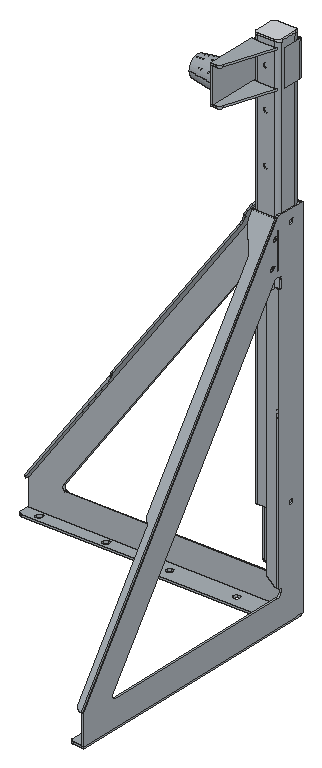
Revit family "Flexstop_3D", category Generic Models, host Face, Revit 2023
Family settings
  Host = Face
  Can host rebar = No
  Round Connector Dimension = Use Diameter
  Part Type = Normal
  Cut with Voids When Loaded = No
  Maintain Annotation Orientation = No
  Shared = No
  Room Calculation Point = No
Parameters
  Material knopp = Ral Kulör_7001
  Material = Ral Kulör_7001
  Kulör = ""
  Default Elevation = 0 mm
Reference planes
  plane 1 "Center (Front/Back)": y = 0
  plane 2: z = 0
  plane 3 "Center (Left/Right)": x = 0
Forms (mm)
  Extrusion 1, solid, material "Ral Kulör_7001" <- "Material"
    sketch origin (0.003, 0, 0) x (1, 0, 0) y (0, 1, 0)
      loop
        line (-2.737, 0) -> (-326, 0) -> (-326, -12.997)
        arc (-326, -12.997) -> (-324.708, -16.363) -> (-321.495, -18) r 5.031
        line (-321.495, -18) -> (-182.621, -18)
        arc (-182.621, -18) -> (-178.82, -18.75) -> (-175.589, -20.889) r 10.002
        line (-175.589, -20.889) -> (-167.834, -28.556)
        arc (-167.834, -28.556) -> (-166.219, -29.625) -> (-164.319, -30) r 4.999
        line (-164.319, -30) -> (-30, -30) -> (-30, -164.26)
        arc (-30, -164.26) -> (-29.636, -166.192) -> (-28.556, -167.834) r 5.001
        line (-28.556, -167.834) -> (-20.888, -175.59)
        arc (-20.888, -175.59) -> (-18.75, -178.82) -> (-18, -182.62) r 10
        line (-18, -182.62) -> (-18, -321.373)
        arc (-18, -321.373) -> (-16.536, -324.909) -> (-13, -326.373) r 5
        line (-13, -326.373) -> (0, -326.373) -> (0, -2.737)
        arc (0, -2.737) -> (-0.802, -0.802) -> (-2.737, 0) r 2.737
      loop
        circle (-306.373, -10.5) r 4
      loop
        circle (-226.373, -10.5) r 4
      loop
        circle (-146.373, -15.5) r 4
      loop
        circle (-66.373, -15.5) r 4
      loop
        circle (-10.5, -306.373) r 4
      loop
        circle (-10.5, -226.373) r 4
      loop
        circle (-15.5, -146.373) r 4
      loop
        circle (-15.5, -66.373) r 4
    from 2 to 0
  Extrusion 2, solid, material "Ral Kulör_7001" <- "Material"
    sketch origin (0.003, 0, 0) x (1, 0, 0) y (0, 0, 1)
      loop
        line (-326.373, 2) -> (0, 2) -> (0, 442.737) -> (-31.372, 442.737) -> (-34.293, 438.678) -> (-36.514, 440.277) -> (-326.845, 36.767) -> (-324.623, 35.169) -> (-326.373, 32.737) -> (-326.373, 2)
      loop
        line (-279.657, 32.737) -> (-36.373, 32.737)
        arc (-36.373, 32.737) -> (-32.837, 34.201) -> (-31.373, 37.737) r 5
        line (-31.373, 37.737) -> (-31.373, 42.737) -> (-34.999, 42.737) -> (-34.999, 362.737) -> (-31.373, 362.737) -> (-31.373, 372.737)
        arc (-31.373, 372.737) -> (-31.753, 374.65) -> (-32.837, 376.273) r 5.001
        arc (-32.837, 376.273) -> (-34.459, 377.357) -> (-36.373, 377.738) r 5.001
        arc (-36.373, 377.738) -> (-38.284, 377.765) -> (-40.173, 377.472) r 11.364
        arc (-40.173, 377.472) -> (-41.612, 376.806) -> (-42.69, 375.643) r 4.091
        line (-42.69, 375.643) -> (-283.716, 40.658)
        arc (-283.716, 40.658) -> (-284.107, 35.457) -> (-279.657, 32.737) r 5.001
      loop
        circle (-45.051, 389.723) r 3.5
      loop
        circle (-41.026, 419.648) r 3.5
      loop
        circle (-17.396, 428.967) r 3.5
      loop
        circle (-17.396, 128.967) r 3.5
    from 0 to 2
  Extrusion 3, solid, material "Ral Kulör_7001" <- "Material"
    sketch origin (0.003, 0, 2) x (0, 1, 0) y (0, 0, 1)
      loop
        line (0, 440.737) -> (-34.744, 440.737) -> (-326.373, 35.422) -> (-326.373, 0) -> (0, 0) -> (0, 440.737)
      loop
        line (-279.657, 30.737) -> (-36.373, 30.737)
        arc (-36.373, 30.737) -> (-32.837, 32.201) -> (-31.373, 35.737) r 5
        line (-31.373, 35.737) -> (-31.373, 40.737) -> (-34.999, 40.737) -> (-34.999, 360.737) -> (-31.373, 360.737) -> (-31.373, 370.737)
        arc (-31.373, 370.737) -> (-31.753, 372.65) -> (-32.837, 374.273) r 5.001
        arc (-32.837, 374.273) -> (-34.459, 375.357) -> (-36.373, 375.738) r 5.001
        arc (-36.373, 375.738) -> (-38.284, 375.765) -> (-40.173, 375.472) r 11.364
        arc (-40.173, 375.472) -> (-41.612, 374.806) -> (-42.69, 373.643) r 4.091
        line (-42.69, 373.643) -> (-283.716, 38.658)
        arc (-283.716, 38.658) -> (-284.107, 33.457) -> (-279.657, 30.737) r 5.001
      loop
        circle (-45.051, 387.723) r 3.5
      loop
        circle (-41.026, 417.648) r 3.5
      loop
        circle (-17.396, 426.967) r 3.5
      loop
        circle (-17.396, 126.967) r 3.5
    from -2.5 to 0
  Extrusion 4, solid, material "Ral Kulör_7001" <- "Material"
    sketch origin (0.003, 0, 0) x (1, 0, 0) y (0, 1, 0)
      loop
        line (-32.5, -7.7) -> (-32.5, -27.3)
        arc (-32.5, -27.3) -> (-30.977, -30.977) -> (-27.3, -32.5) r 5.2
        line (-27.3, -32.5) -> (-7.7, -32.5)
        arc (-7.7, -32.5) -> (-4.023, -30.977) -> (-2.5, -27.3) r 5.2
        line (-2.5, -27.3) -> (-2.5, -7.7)
        arc (-2.5, -7.7) -> (-4.023, -4.023) -> (-7.7, -2.5) r 5.2
        line (-7.7, -2.5) -> (-27.3, -2.5)
        arc (-27.3, -2.5) -> (-30.977, -4.023) -> (-32.5, -7.7) r 5.2
      loop
        line (-7.7, -5.5) -> (-27.3, -5.5)
        arc (-27.3, -5.5) -> (-28.855, -6.144) -> (-29.5, -7.7) r 2.2
        line (-29.5, -7.7) -> (-29.5, -27.3)
        arc (-29.5, -27.3) -> (-28.855, -28.855) -> (-27.3, -29.5) r 2.2
        line (-27.3, -29.5) -> (-7.7, -29.5)
        arc (-7.7, -29.5) -> (-6.144, -28.855) -> (-5.5, -27.3) r 2.2
        line (-5.5, -27.3) -> (-5.5, -7.7)
        arc (-5.5, -7.7) -> (-6.144, -6.144) -> (-7.7, -5.5) r 2.2
    from 123 to 625.779
  Extrusion 5, solid, material "Ral Kulör_7001" <- "Material"
    sketch origin (-326.842, 0, 36.767) x (0.584044, 0, 0.811722) y (0, 1, 0)
      loop
        line (5.004, -10) -> (179.334, -10)
        arc (179.334, -10) -> (179.981, -10.085) -> (180.584, -10.335) r 2.5
        line (180.584, -10.335) -> (188.084, -14.665)
        arc (188.084, -14.665) -> (188.687, -14.915) -> (189.334, -15) r 2.5
        line (189.334, -15) -> (451.576, -15)
        arc (451.576, -15) -> (456.091, -15.65) -> (460.299, -17.412) r 18.035
        line (460.299, -17.412) -> (477.926, -27.588)
        arc (477.926, -27.588) -> (482.267, -29.387) -> (486.926, -30) r 18
        line (486.926, -30) -> (496.926, -30) -> (496.926, -2) -> (0.385, -2)
        arc (0.385, -2) -> (-0.015, -4.457) -> (0.385, -6.913) r 7.754
        arc (0.385, -6.913) -> (2.298, -9.05) -> (5.004, -10) r 5.763
    from -2 to 0
  Extrusion 6, solid, material "Ral Kulör_7001" <- "Material"
    sketch origin (0.003, -327.653, 35.643) x (0, 0.584044, 0.811722) y (-1, 0, 0)
      loop
        line (6.151, 10) -> (3.959, 8.536) -> (2.875, 6.913) -> (2.495, 5) -> (2.495, 2.5) -> (498.488, 2.5) -> (498.488, 30) -> (488.311, 30) -> (483.652, 29.387) -> (479.31, 27.588) -> (461.683, 17.412) -> (457.342, 15.613) -> (452.895, 15.028) -> (194.949, 15.028)
        arc (194.949, 15.028) -> (194.302, 14.943) -> (193.699, 14.693) r 2.5
        line (193.699, 14.693) -> (186.151, 10.335)
        arc (186.151, 10.335) -> (185.548, 10.085) -> (184.901, 10) r 2.5
        line (184.901, 10) -> (6.151, 10)
    from 0 to -2
  Extrusion 7, solid, material "Ral Kulör_7001" <- "Material"
    sketch origin (-2.497, 0, 2) x (0, -1, 0) y (0, 0, 1)
      loop
        line (5, 40.737) -> (13.536, 49.272)
        arc (13.536, 49.272) -> (14.619, 50.894) -> (15, 52.808) r 5
        line (15, 52.808) -> (15, 348.666)
        arc (15, 348.666) -> (14.62, 350.578) -> (13.536, 352.2) r 4.999
        line (13.536, 352.2) -> (5, 360.737) -> (2.013, 360.737) -> (2.013, 40.737) -> (5, 40.737)
    from 30.5 to 32.5
  Extrusion 8, solid, material "Ral Kulör_7001" <- "Material"
    sketch origin (0.003, -2, 0) x (1, 0, 0) y (0, 0, 1)
      loop
        line (-15, 350.666) -> (-15, 54.808)
        arc (-15, 54.808) -> (-14.619, 52.894) -> (-13.535, 51.272) r 5
        line (-13.535, 51.272) -> (-5.298, 43.034) -> (-0.298, 43.034) -> (-0.298, 363.633) -> (-4.103, 363.633) -> (-13.536, 354.201) -> (-14.619, 352.579) -> (-15, 350.666)
    from 32.999 to 30.999
  Extrusion 9, solid, material "Ral Kulör_7001" <- "Material"
    sketch origin (0.003, -2, 0) x (1, 0, 0) y (0, 0, 1)
      loop
        line (-36.42, 382.237) -> (-36.42, 427.837) -> (-40.239, 427.837)
        arc (-40.239, 427.837) -> (-41.152, 427.616) -> (-41.863, 427.005) r 2.001
        line (-41.863, 427.005) -> (-57.5, 405.276) -> (-57.5, 382.237) -> (-36.42, 382.237)
      loop
        circle (-45.051, 389.723) r 3.5
      loop
        circle (-41.026, 419.648) r 3.5
    from 2 to 0
  Extrusion 10, solid, material "Ral Kulör_7001" <- "Material"
    sketch origin (-2.497, 0, 2) x (0, -1, 0) y (0, 0, 1)
      loop
        line (57.5, 380.237) -> (57.5, 403.276) -> (41.863, 425.005)
        arc (41.863, 425.005) -> (41.152, 425.615) -> (40.24, 425.837) r 1.989
        line (40.24, 425.837) -> (35.538, 425.837) -> (35.538, 380.237) -> (57.5, 380.237)
      loop
        circle (41.026, 417.648) r 3.5
      loop
        circle (45.051, 387.723) r 3.5
    from 2 to 0
  Extrusion 11, solid, material "Ral Kulör_7001" <- "Material"
    sketch origin (0.003, 0, 625.779) x (1, 0, 0) y (0, 1, 0)
      loop
        line (-32.5, -31.5) -> (-32.5, -5) -> (-32.728, -3.852) -> (-33.379, -2.879) -> (-34.352, -2.228) -> (-35.5, -2) -> (-36.42, -2) -> (-36.42, -4) -> (-35.5, -4)
        arc (-35.5, -4) -> (-34.793, -4.293) -> (-34.5, -5) r 1
        line (-34.5, -5) -> (-34.5, -31.5)
        arc (-34.5, -31.5) -> (-33.621, -33.621) -> (-31.5, -34.5) r 3
        line (-31.5, -34.5) -> (-4.5, -34.5) -> (-4.5, -35.538) -> (-2.5, -35.538) -> (-2.5, -33.944)
        arc (-2.5, -33.944) -> (-3.556, -32.887) -> (-5, -32.5) r 2.887
        line (-5, -32.5) -> (-31.5, -32.5)
        arc (-31.5, -32.5) -> (-32.207, -32.207) -> (-32.5, -31.5) r 1
    from -188.607 to -243.542
  Extrusion 12, solid, material "Ral Kulör_7001" <- "Material"
    sketch origin (0.003, 0, 625.779) x (1, 0, 0) y (0, 1, 0)
      loop
        line (-0.25, -25.5) -> (-0.25, -3.5)
        arc (-0.25, -3.5) -> (-1.128, -1.378) -> (-3.25, -0.5) r 3
        line (-3.25, -0.5) -> (-31.75, -0.5)
        arc (-31.75, -0.5) -> (-33.871, -1.378) -> (-34.75, -3.5) r 3
        line (-34.75, -3.5) -> (-34.75, -93.5) -> (-32.75, -93.5) -> (-32.75, -3.5)
        arc (-32.75, -3.5) -> (-32.457, -2.793) -> (-31.75, -2.5) r 1
        line (-31.75, -2.5) -> (-3.25, -2.5)
        arc (-3.25, -2.5) -> (-2.543, -2.793) -> (-2.25, -3.5) r 1
        line (-2.25, -3.5) -> (-2.25, -25.5) -> (-0.25, -25.5)
    from -7.779 to -49.703
  Extrusion 13, solid, material "Ral Kulör_7001" <- "Material"
    sketch origin (0.003, 0, 625.779) x (1, 0, 0) y (0, 1, 0)
      loop
        line (-23.616, -90.069) -> (-4.75, -33) -> (-34.75, -33) -> (-34.75, -93.5) -> (-28.363, -93.5)
        arc (-28.363, -93.5) -> (-25.434, -92.552) -> (-23.616, -90.069) r 5
    from -5.779 to -7.779
  Extrusion 14, solid, material "Ral Kulör_7001" <- "Material"
    sketch origin (0.003, 0, 581.778) x (1, 0, 0) y (0, 1, 0)
      loop
        line (-23.616, -90.069) -> (-4.75, -33) -> (-34.75, -33) -> (-34.75, -93.5) -> (-28.363, -93.5)
        arc (-28.363, -93.5) -> (-25.434, -92.552) -> (-23.616, -90.069) r 5
    from -5.779 to -7.779
  Extrusion 15, void
    sketch origin (0.003, 0, 0) x (1, 0, 0) y (0, 0, 1)
      loop
        circle (-17.5, 489.027) r 2.486
      loop
        circle (-17.5, 548.986) r 2.486
      loop
        circle (-17.5, 596.866) r 2.486
    from 41.528 to 0
  Blend 16, solid, material "Ral Kulör_7001" <- "Material knopp"
    base sketch origin (-34.747, -93.5, 625.779) x (0, 1, 0) y (0, 0, -1)
      loop
        circle (20.068, 28.907) r 17.433
    top sketch origin (-34.747, -93.5, 625.779) x (0, 1, 0) y (0, 0, -1)
      loop
        circle (20.068, 28.907) r 12.5
    from 0 to 32.097
  Extrusion 17, void
    sketch origin (-34.747, -93.5, 625.779) x (0, -1, 0) y (0, 0, -1)
      loop
        circle (-20.068, 28.907) r 8.008
    from -16.64 to -32.097
  Extrusion 18, solid
    sketch origin (0.003, 0, 625.779) x (1, 0, 0) y (0, 1, 0)
      loop
        line (-7.7, -2.5) -> (-27.3, -2.5)
        arc (-27.3, -2.5) -> (-30.977, -4.023) -> (-32.5, -7.7) r 5.2
        line (-32.5, -7.7) -> (-32.5, -27.3)
        arc (-32.5, -27.3) -> (-30.977, -30.977) -> (-27.3, -32.5) r 5.2
        line (-27.3, -32.5) -> (-7.7, -32.5)
        arc (-7.7, -32.5) -> (-4.023, -30.977) -> (-2.5, -27.3) r 5.2
        line (-2.5, -27.3) -> (-2.5, -7.7)
        arc (-2.5, -7.7) -> (-4.023, -4.023) -> (-7.7, -2.5) r 5.2
    from 0 to 2
  Extrusion 19, solid, material "Ral Kulör_7001" <- "Material", not visible
    sketch origin (0.003, 0, 0) x (1, 0, 0) y (0, 1, 0)
      loop
        line (-2.737, 0) -> (-326, 0) -> (-326, -12.997)
        arc (-326, -12.997) -> (-324.708, -16.363) -> (-321.495, -18) r 5.031
        line (-321.495, -18) -> (-182.621, -18)
        arc (-182.621, -18) -> (-178.82, -18.75) -> (-175.589, -20.889) r 10.002
        line (-175.589, -20.889) -> (-167.834, -28.556)
        arc (-167.834, -28.556) -> (-166.219, -29.625) -> (-164.319, -30) r 4.999
        line (-164.319, -30) -> (-30, -30) -> (-30, -164.26)
        arc (-30, -164.26) -> (-29.636, -166.192) -> (-28.556, -167.834) r 5.001
        line (-28.556, -167.834) -> (-20.888, -175.59)
        arc (-20.888, -175.59) -> (-18.75, -178.82) -> (-18, -182.62) r 10
        line (-18, -182.62) -> (-18, -321.373)
        arc (-18, -321.373) -> (-16.536, -324.909) -> (-13, -326.373) r 5
        line (-13, -326.373) -> (0, -326.373) -> (0, -2.737)
        arc (0, -2.737) -> (-0.802, -0.802) -> (-2.737, 0) r 2.737
      loop
        circle (-306.373, -10.5) r 4
      loop
        circle (-226.373, -10.5) r 4
      loop
        circle (-146.373, -15.5) r 4
      loop
        circle (-66.373, -15.5) r 4
      loop
        circle (-10.5, -306.373) r 4
      loop
        circle (-10.5, -226.373) r 4
      loop
        circle (-15.5, -146.373) r 4
      loop
        circle (-15.5, -66.373) r 4
    from 2 to 0
  Extrusion 20, solid, material "Ral Kulör_7001" <- "Material", not visible
    sketch origin (0.003, 0, 0) x (1, 0, 0) y (0, 0, 1)
      loop
        line (-326.373, 2) -> (0, 2) -> (0, 442.737) -> (-31.372, 442.737) -> (-34.293, 438.678) -> (-36.514, 440.277) -> (-326.845, 36.767) -> (-324.623, 35.169) -> (-326.373, 32.737) -> (-326.373, 2)
      loop
        line (-279.657, 32.737) -> (-36.373, 32.737)
        arc (-36.373, 32.737) -> (-32.837, 34.201) -> (-31.373, 37.737) r 5
        line (-31.373, 37.737) -> (-31.373, 42.737) -> (-34.999, 42.737) -> (-34.999, 362.737) -> (-31.373, 362.737) -> (-31.373, 372.737)
        arc (-31.373, 372.737) -> (-31.753, 374.65) -> (-32.837, 376.273) r 5.001
        arc (-32.837, 376.273) -> (-34.459, 377.357) -> (-36.373, 377.738) r 5.001
        arc (-36.373, 377.738) -> (-38.284, 377.765) -> (-40.173, 377.472) r 11.364
        arc (-40.173, 377.472) -> (-41.612, 376.806) -> (-42.69, 375.643) r 4.091
        line (-42.69, 375.643) -> (-283.716, 40.658)
        arc (-283.716, 40.658) -> (-284.107, 35.457) -> (-279.657, 32.737) r 5.001
      loop
        circle (-45.051, 389.723) r 3.5
      loop
        circle (-41.026, 419.648) r 3.5
      loop
        circle (-17.396, 428.967) r 3.5
      loop
        circle (-17.396, 128.967) r 3.5
    from 0 to 2
  Extrusion 21, solid, material "Ral Kulör_7001" <- "Material", not visible
    sketch origin (0.003, 0, 2) x (0, 1, 0) y (0, 0, 1)
      loop
        line (0, 440.737) -> (-34.744, 440.737) -> (-326.373, 35.422) -> (-326.373, 0) -> (0, 0) -> (0, 440.737)
      loop
        line (-279.657, 30.737) -> (-36.373, 30.737)
        arc (-36.373, 30.737) -> (-32.837, 32.201) -> (-31.373, 35.737) r 5
        line (-31.373, 35.737) -> (-31.373, 40.737) -> (-34.999, 40.737) -> (-34.999, 360.737) -> (-31.373, 360.737) -> (-31.373, 370.737)
        arc (-31.373, 370.737) -> (-31.753, 372.65) -> (-32.837, 374.273) r 5.001
        arc (-32.837, 374.273) -> (-34.459, 375.357) -> (-36.373, 375.738) r 5.001
        arc (-36.373, 375.738) -> (-38.284, 375.765) -> (-40.173, 375.472) r 11.364
        arc (-40.173, 375.472) -> (-41.612, 374.806) -> (-42.69, 373.643) r 4.091
        line (-42.69, 373.643) -> (-283.716, 38.658)
        arc (-283.716, 38.658) -> (-284.107, 33.457) -> (-279.657, 30.737) r 5.001
      loop
        circle (-45.051, 387.723) r 3.5
      loop
        circle (-41.026, 417.648) r 3.5
      loop
        circle (-17.396, 426.967) r 3.5
      loop
        circle (-17.396, 126.967) r 3.5
    from -2.5 to 0
  Extrusion 22, solid, material "Ral Kulör_7001" <- "Material", not visible
    sketch origin (0.003, 0, 0) x (1, 0, 0) y (0, 1, 0)
      loop
        line (-32.5, -7.7) -> (-32.5, -27.3)
        arc (-32.5, -27.3) -> (-30.977, -30.977) -> (-27.3, -32.5) r 5.2
        line (-27.3, -32.5) -> (-7.7, -32.5)
        arc (-7.7, -32.5) -> (-4.023, -30.977) -> (-2.5, -27.3) r 5.2
        line (-2.5, -27.3) -> (-2.5, -7.7)
        arc (-2.5, -7.7) -> (-4.023, -4.023) -> (-7.7, -2.5) r 5.2
        line (-7.7, -2.5) -> (-27.3, -2.5)
        arc (-27.3, -2.5) -> (-30.977, -4.023) -> (-32.5, -7.7) r 5.2
      loop
        line (-7.7, -5.5) -> (-27.3, -5.5)
        arc (-27.3, -5.5) -> (-28.855, -6.144) -> (-29.5, -7.7) r 2.2
        line (-29.5, -7.7) -> (-29.5, -27.3)
        arc (-29.5, -27.3) -> (-28.855, -28.855) -> (-27.3, -29.5) r 2.2
        line (-27.3, -29.5) -> (-7.7, -29.5)
        arc (-7.7, -29.5) -> (-6.144, -28.855) -> (-5.5, -27.3) r 2.2
        line (-5.5, -27.3) -> (-5.5, -7.7)
        arc (-5.5, -7.7) -> (-6.144, -6.144) -> (-7.7, -5.5) r 2.2
    from 123 to 625.779
  Extrusion 23, solid, material "Ral Kulör_7001" <- "Material", not visible
    sketch origin (-326.842, 0, 36.767) x (0.584044, 0, 0.811722) y (0, 1, 0)
      loop
        line (5.004, -10) -> (179.334, -10)
        arc (179.334, -10) -> (179.981, -10.085) -> (180.584, -10.335) r 2.5
        line (180.584, -10.335) -> (188.084, -14.665)
        arc (188.084, -14.665) -> (188.687, -14.915) -> (189.334, -15) r 2.5
        line (189.334, -15) -> (451.576, -15)
        arc (451.576, -15) -> (456.091, -15.65) -> (460.299, -17.412) r 18.035
        line (460.299, -17.412) -> (477.926, -27.588)
        arc (477.926, -27.588) -> (482.267, -29.387) -> (486.926, -30) r 18
        line (486.926, -30) -> (496.926, -30) -> (496.926, -2) -> (0.385, -2)
        arc (0.385, -2) -> (-0.015, -4.457) -> (0.385, -6.913) r 7.754
        arc (0.385, -6.913) -> (2.298, -9.05) -> (5.004, -10) r 5.763
    from -2 to 0
  Extrusion 24, solid, material "Ral Kulör_7001" <- "Material", not visible
    sketch origin (0.003, -327.653, 35.643) x (0, 0.584044, 0.811722) y (-1, 0, 0)
      loop
        line (6.151, 10) -> (3.959, 8.536) -> (2.875, 6.913) -> (2.495, 5) -> (2.495, 2.5) -> (498.488, 2.5) -> (498.488, 30) -> (488.311, 30) -> (483.652, 29.387) -> (479.31, 27.588) -> (461.683, 17.412) -> (457.342, 15.613) -> (452.895, 15.028) -> (194.949, 15.028)
        arc (194.949, 15.028) -> (194.302, 14.943) -> (193.699, 14.693) r 2.5
        line (193.699, 14.693) -> (186.151, 10.335)
        arc (186.151, 10.335) -> (185.548, 10.085) -> (184.901, 10) r 2.5
        line (184.901, 10) -> (6.151, 10)
    from 0 to -2
  Extrusion 25, solid, material "Ral Kulör_7001" <- "Material", not visible
    sketch origin (-2.497, 0, 2) x (0, -1, 0) y (0, 0, 1)
      loop
        line (5, 40.737) -> (13.536, 49.272)
        arc (13.536, 49.272) -> (14.619, 50.894) -> (15, 52.808) r 5
        line (15, 52.808) -> (15, 348.666)
        arc (15, 348.666) -> (14.62, 350.578) -> (13.536, 352.2) r 4.999
        line (13.536, 352.2) -> (5, 360.737) -> (2.013, 360.737) -> (2.013, 40.737) -> (5, 40.737)
    from 30.5 to 32.5
  Extrusion 26, solid, material "Ral Kulör_7001" <- "Material", not visible
    sketch origin (0.003, -2, 0) x (1, 0, 0) y (0, 0, 1)
      loop
        line (-15, 350.666) -> (-15, 54.808)
        arc (-15, 54.808) -> (-14.619, 52.894) -> (-13.535, 51.272) r 5
        line (-13.535, 51.272) -> (-5.298, 43.034) -> (-0.298, 43.034) -> (-0.298, 363.633) -> (-4.103, 363.633) -> (-13.536, 354.201) -> (-14.619, 352.579) -> (-15, 350.666)
    from 32.999 to 30.999
  Extrusion 27, solid, material "Ral Kulör_7001" <- "Material", not visible
    sketch origin (0.003, -2, 0) x (1, 0, 0) y (0, 0, 1)
      loop
        line (-36.42, 382.237) -> (-36.42, 427.837) -> (-40.239, 427.837)
        arc (-40.239, 427.837) -> (-41.152, 427.616) -> (-41.863, 427.005) r 2.001
        line (-41.863, 427.005) -> (-57.5, 405.276) -> (-57.5, 382.237) -> (-36.42, 382.237)
      loop
        circle (-45.051, 389.723) r 3.5
      loop
        circle (-41.026, 419.648) r 3.5
    from 2 to 0
  Extrusion 28, solid, material "Ral Kulör_7001" <- "Material", not visible
    sketch origin (-2.497, 0, 2) x (0, -1, 0) y (0, 0, 1)
      loop
        line (57.5, 380.237) -> (57.5, 403.276) -> (41.863, 425.005)
        arc (41.863, 425.005) -> (41.152, 425.615) -> (40.24, 425.837) r 1.989
        line (40.24, 425.837) -> (35.538, 425.837) -> (35.538, 380.237) -> (57.5, 380.237)
      loop
        circle (41.026, 417.648) r 3.5
      loop
        circle (45.051, 387.723) r 3.5
    from 2 to 0
  Extrusion 29, solid, material "Ral Kulör_7001" <- "Material", not visible
    sketch origin (0.003, 0, 625.779) x (1, 0, 0) y (0, 1, 0)
      loop
        line (-32.5, -31.5) -> (-32.5, -5) -> (-32.728, -3.852) -> (-33.379, -2.879) -> (-34.352, -2.228) -> (-35.5, -2) -> (-36.42, -2) -> (-36.42, -4) -> (-35.5, -4)
        arc (-35.5, -4) -> (-34.793, -4.293) -> (-34.5, -5) r 1
        line (-34.5, -5) -> (-34.5, -31.5)
        arc (-34.5, -31.5) -> (-33.621, -33.621) -> (-31.5, -34.5) r 3
        line (-31.5, -34.5) -> (-4.5, -34.5) -> (-4.5, -35.538) -> (-2.5, -35.538) -> (-2.5, -33.944)
        arc (-2.5, -33.944) -> (-3.556, -32.887) -> (-5, -32.5) r 2.887
        line (-5, -32.5) -> (-31.5, -32.5)
        arc (-31.5, -32.5) -> (-32.207, -32.207) -> (-32.5, -31.5) r 1
    from -188.607 to -243.542
  Extrusion 30, solid, material "Ral Kulör_7001" <- "Material", not visible
    sketch origin (0.003, 0, 625.779) x (1, 0, 0) y (0, 1, 0)
      loop
        line (-0.25, -25.5) -> (-0.25, -3.5)
        arc (-0.25, -3.5) -> (-1.128, -1.378) -> (-3.25, -0.5) r 3
        line (-3.25, -0.5) -> (-31.75, -0.5)
        arc (-31.75, -0.5) -> (-33.871, -1.378) -> (-34.75, -3.5) r 3
        line (-34.75, -3.5) -> (-34.75, -93.5) -> (-32.75, -93.5) -> (-32.75, -3.5)
        arc (-32.75, -3.5) -> (-32.457, -2.793) -> (-31.75, -2.5) r 1
        line (-31.75, -2.5) -> (-3.25, -2.5)
        arc (-3.25, -2.5) -> (-2.543, -2.793) -> (-2.25, -3.5) r 1
        line (-2.25, -3.5) -> (-2.25, -25.5) -> (-0.25, -25.5)
    from -7.779 to -49.703
  Extrusion 31, solid, material "Ral Kulör_7001" <- "Material", not visible
    sketch origin (0.003, 0, 625.779) x (1, 0, 0) y (0, 1, 0)
      loop
        line (-23.616, -90.069) -> (-4.75, -33) -> (-34.75, -33) -> (-34.75, -93.5) -> (-28.363, -93.5)
        arc (-28.363, -93.5) -> (-25.434, -92.552) -> (-23.616, -90.069) r 5
    from -5.779 to -7.779
  Extrusion 32, solid, material "Ral Kulör_7001" <- "Material", not visible
    sketch origin (0.003, 0, 581.778) x (1, 0, 0) y (0, 1, 0)
      loop
        line (-23.616, -90.069) -> (-4.75, -33) -> (-34.75, -33) -> (-34.75, -93.5) -> (-28.363, -93.5)
        arc (-28.363, -93.5) -> (-25.434, -92.552) -> (-23.616, -90.069) r 5
    from -5.779 to -7.779
  Extrusion 33, void, not visible
    sketch origin (0.003, 0, 0) x (1, 0, 0) y (0, 0, 1)
      loop
        circle (-17.5, 489.027) r 2.486
      loop
        circle (-17.5, 548.986) r 2.486
      loop
        circle (-17.5, 596.866) r 2.486
    from 41.528 to 0
  Blend 34, solid, material "Ral Kulör_7001" <- "Material knopp", not visible
    base sketch origin (-34.747, -93.5, 625.779) x (0, 1, 0) y (0, 0, -1)
      loop
        circle (20.068, 28.907) r 17.433
    top sketch origin (-34.747, -93.5, 625.779) x (0, 1, 0) y (0, 0, -1)
      loop
        circle (20.068, 28.907) r 12.5
    from 0 to 32.097
  Extrusion 35, void, not visible
    sketch origin (-34.747, -93.5, 625.779) x (0, -1, 0) y (0, 0, -1)
      loop
        circle (-20.068, 28.907) r 8.008
    from -16.64 to -32.097
  Extrusion 36, solid, not visible
    sketch origin (0.003, 0, 625.779) x (1, 0, 0) y (0, 1, 0)
      loop
        line (-7.7, -2.5) -> (-27.3, -2.5)
        arc (-27.3, -2.5) -> (-30.977, -4.023) -> (-32.5, -7.7) r 5.2
        line (-32.5, -7.7) -> (-32.5, -27.3)
        arc (-32.5, -27.3) -> (-30.977, -30.977) -> (-27.3, -32.5) r 5.2
        line (-27.3, -32.5) -> (-7.7, -32.5)
        arc (-7.7, -32.5) -> (-4.023, -30.977) -> (-2.5, -27.3) r 5.2
        line (-2.5, -27.3) -> (-2.5, -7.7)
        arc (-2.5, -7.7) -> (-4.023, -4.023) -> (-7.7, -2.5) r 5.2
    from 0 to 2
Cuts and joins
  Extrusion 15 cuts Extrusion 4
  Extrusion 15 cuts Extrusion 12
  Extrusion 17 cuts Blend 16
Dimensions and locks
  aligned and locked: plane 2 to host face
  aligned and locked: level to host face
